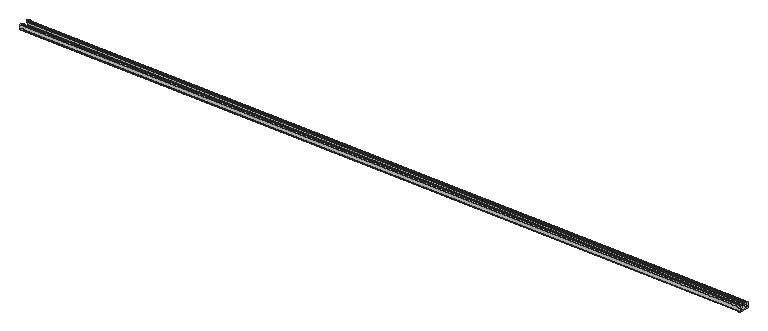
Revit family "P4100 SL", category Specialty Equipment, Revit 2012
Parameters (values of type "P4100 SL")
  ecoScorecard_data = ""
  ecoScorecard Product Page = ""
  Weight Per Foot = 0.87 lbf/ft
  Unit = none
  URL = "http://unistrut.us/index.php"
  Subcategory = "1 5/8\" Channels"
  Product Page URL = "http://unistrut.us/index.php?WP=cat_detail&S=S05&P=P4100sl"
  Part Type = "Channel"  # constant formula
  Part Number = ""
  Overall Width = 1 5/8"  # constant formula
  Overall Height = 13/16"  # constant formula
  Model = "P4100 SL"  # constant formula
  Material = "Multiple Options - See Catalog"
  Manufacturer Toll Free Phone = "800-882-5543"  # constant formula
  Manufacturer Phone = "708-339-1610"  # constant formula
  Manufacturer Fax = "708-339-7814"  # constant formula
  Manufacturer Email = "mailto:jshaw@atkore.com"
  Manufacturer Address = "16100 South Lathrop Avenue, Harvey, IL 60426"  # constant formula
  Manufacturer = "Unistrut by Atkore International"  # constant formula
  Load Capacity Note = "Visit the product page for load application and capacity."  # constant formula
  Literature URL = "http://unistrut.us/index.php?WP=LItLibrary"
  Length [instance] = 120"
  Hole Radius = Hole Diameter / 2  # 9/32"
  Hole Diameter = 9/16"  # constant formula
  Gauge Thickness = "12 Gauge (.105”)"  # constant formula
  Description = "P4100 SL Channel"  # constant formula
  Cost Info = "mailto:questions@atkore.com"
  Construction Note = "Slots are 3\" x 13⁄32\" @ 4\" on Center"
  CSI MasterSpec = "http://www.unistrut.us/a_files/TechRef/Unistrut_CSI_05430.pdf"
  CAD URL = "http://unistrut.us/index.php?WP=CAD3d"
  Assembly Code = "D5020100"
  95 CSI = "16070"  # constant formula
  04 CSI = "26 05 48"  # constant formula
Reference planes (in)
  plane 1 "Center (Front/Back)": y = 0
  plane 2: z = 0
  plane 3 "Center (Left/Right)": x = 0
  plane 4: y = 0.8125
  plane 5: y = -0.8125
  plane 6: z = 0.8125
  plane 7: x = -60
  plane 8: x = 60
  plane 9: z = 0.8125
Dimensions and locks (in)
  "Overall Width": plane 4 to plane 5
  equal spacing: plane 4, plane 1 "Center (Front/Back)", plane 5
  "Overall Height": plane 6 to level
  "Length": plane 7 to plane 8
  equal spacing: plane 7, plane 3 "Center (Left/Right)", plane 8
  aligned and locked: level to plane 2
  aligned and locked: plane 1 "Center (Front/Back)" to nested 1
  aligned and locked: plane 3 "Center (Left/Right)" to nested 1
Nested families (in)
  nested 1: "4100 SL" at (0, 0, 0), type "4100 SL"
Definition of nested family "4100 SL"
  Parameters (values of type "3300 SL")
    Width = 1 5/8"
    Unit = none
    Length = 120"
    Hole Spacing On Center = 4"
    Hole Spacing From End = 1/2"
    Hole Radius = 9/32"
    Height = 13/16"
    # Of Array = (Length - Hole Spacing From End * 2) / Hole Spacing On Center  # 30
  Reference planes (in)
    plane 1 "Center (Front/Back)": y = 0
    plane 2: z = 0
    plane 3 "Center (Left/Right)": x = 0
    plane 4: x = -60
    plane 5: x = 60
    plane 6: y = 0.8125
    plane 7: y = -0.8125
    plane 8: x = -55.5
    plane 9: z = 0.40625
    plane 10: z = 0.105
    plane 11: x = -59.5
    plane 12: z = 0.105
    plane 13: z = 0.81197
  Forms (in)
    Sweep 1, solid, material <- "Unit", detail levels fine
      path origin (0, 0, 0) x (1, 0, 0) y (0, 1, 0)
        loop
          line (-60, 0) -> (60, 0)
      profile origin (0, 0, 0) x (0, 1, 0) y (0, 0, 1)
        loop
          line (-0.6565, 0.73697) -> (-0.5375, 0.73697)
          arc (-0.5375, 0.73697) -> (-0.51982, 0.72965) -> (-0.5125, 0.71197) r 0.025
          line (-0.5125, 0.71197) -> (-0.5125, 0.55197) -> (-0.4375, 0.55197) -> (-0.4375, 0.71197)
          arc (-0.4375, 0.71197) -> (-0.46679, 0.78268) -> (-0.5375, 0.81197) r 0.1
          line (-0.5375, 0.81197) -> (-0.6565, 0.81197)
          arc (-0.6565, 0.81197) -> (-0.76681, 0.76628) -> (-0.8125, 0.65597) r 0.156
          line (-0.8125, 0.65597) -> (-0.8125, 0.10622)
          arc (-0.8125, 0.10622) -> (-0.78138, 0.03109) -> (-0.70625, -0.00003) r 0.10625
          line (-0.70625, -0.00003) -> (0.70625, -0.00003)
          arc (0.70625, -0.00003) -> (0.78138, 0.03109) -> (0.8125, 0.10622) r 0.10625
          line (0.8125, 0.10622) -> (0.8125, 0.65597)
          arc (0.8125, 0.65597) -> (0.76681, 0.76628) -> (0.6565, 0.81197) r 0.156
          line (0.6565, 0.81197) -> (0.5375, 0.81197)
          arc (0.5375, 0.81197) -> (0.46679, 0.78268) -> (0.4375, 0.71197) r 0.1
          line (0.4375, 0.71197) -> (0.4375, 0.55197) -> (0.5125, 0.55197) -> (0.5125, 0.71197)
          arc (0.5125, 0.71197) -> (0.51982, 0.72965) -> (0.5375, 0.73697) r 0.025
          line (0.5375, 0.73697) -> (0.6565, 0.73697)
          arc (0.6565, 0.73697) -> (0.71378, 0.71325) -> (0.7375, 0.65597) r 0.081
          line (0.7375, 0.65597) -> (0.7375, 0.10622)
          arc (0.7375, 0.10622) -> (0.72835, 0.08412) -> (0.70625, 0.07497) r 0.03125
          line (0.70625, 0.07497) -> (-0.70625, 0.07497)
          arc (-0.70625, 0.07497) -> (-0.72835, 0.08412) -> (-0.7375, 0.10622) r 0.03125
          line (-0.7375, 0.10622) -> (-0.7375, 0.65597)
          arc (-0.7375, 0.65597) -> (-0.71378, 0.71325) -> (-0.6565, 0.73697) r 0.081
    Extrusion 2, void
      sketch origin (0, 0, 0) x (1, 0, 0) y (0, 1, 0)
        loop
          arc (-59.29687, 0.20312) -> (-59.5, 0) -> (-59.29687, -0.20313) r 0.20312
          line (-59.29687, -0.20313) -> (-56.69885, -0.20312)
          arc (-56.69885, -0.20312) -> (-56.49573, 0) -> (-56.69885, 0.20312) r 0.20312
          line (-56.69885, 0.20312) -> (-59.29687, 0.20312)
      from 0 to 0.105
    Extrusion 3, void
      sketch origin (4, 0, 0) x (1, 0, 0) y (0, 1, 0)
        loop
          arc (-59.29687, 0.20312) -> (-59.5, 0) -> (-59.29687, -0.20313) r 0.20312
          line (-59.29687, -0.20313) -> (-56.69885, -0.20312)
          arc (-56.69885, -0.20312) -> (-56.49573, 0) -> (-56.69885, 0.20312) r 0.20312
          line (-56.69885, 0.20312) -> (-59.29687, 0.20312)
      from 0 to 0.105
    Extrusion 4, void
      sketch origin (8, 0, 0) x (1, 0, 0) y (0, 1, 0)
        loop
          arc (-59.29687, 0.20312) -> (-59.5, 0) -> (-59.29687, -0.20313) r 0.20312
          line (-59.29687, -0.20313) -> (-56.69885, -0.20312)
          arc (-56.69885, -0.20312) -> (-56.49573, 0) -> (-56.69885, 0.20312) r 0.20312
          line (-56.69885, 0.20312) -> (-59.29687, 0.20312)
      from 0 to 0.105
    Extrusion 5, void
      sketch origin (12, 0, 0) x (1, 0, 0) y (0, 1, 0)
        loop
          arc (-59.29687, 0.20312) -> (-59.5, 0) -> (-59.29687, -0.20313) r 0.20312
          line (-59.29687, -0.20313) -> (-56.69885, -0.20312)
          arc (-56.69885, -0.20312) -> (-56.49573, 0) -> (-56.69885, 0.20312) r 0.20312
          line (-56.69885, 0.20312) -> (-59.29687, 0.20312)
      from 0 to 0.105
    Extrusion 6, void
      sketch origin (16, 0, 0) x (1, 0, 0) y (0, 1, 0)
        loop
          arc (-59.29687, 0.20312) -> (-59.5, 0) -> (-59.29687, -0.20313) r 0.20312
          line (-59.29687, -0.20313) -> (-56.69885, -0.20312)
          arc (-56.69885, -0.20312) -> (-56.49573, 0) -> (-56.69885, 0.20312) r 0.20312
          line (-56.69885, 0.20312) -> (-59.29687, 0.20312)
      from 0 to 0.105
    Extrusion 7, void
      sketch origin (20, 0, 0) x (1, 0, 0) y (0, 1, 0)
        loop
          arc (-59.29687, 0.20312) -> (-59.5, 0) -> (-59.29687, -0.20313) r 0.20312
          line (-59.29687, -0.20313) -> (-56.69885, -0.20312)
          arc (-56.69885, -0.20312) -> (-56.49573, 0) -> (-56.69885, 0.20312) r 0.20312
          line (-56.69885, 0.20312) -> (-59.29687, 0.20312)
      from 0 to 0.105
    Extrusion 8, void
      sketch origin (24, 0, 0) x (1, 0, 0) y (0, 1, 0)
        loop
          arc (-59.29687, 0.20312) -> (-59.5, 0) -> (-59.29687, -0.20313) r 0.20312
          line (-59.29687, -0.20313) -> (-56.69885, -0.20312)
          arc (-56.69885, -0.20312) -> (-56.49573, 0) -> (-56.69885, 0.20312) r 0.20312
          line (-56.69885, 0.20312) -> (-59.29687, 0.20312)
      from 0 to 0.105
    Extrusion 9, void
      sketch origin (28, 0, 0) x (1, 0, 0) y (0, 1, 0)
        loop
          arc (-59.29687, 0.20312) -> (-59.5, 0) -> (-59.29687, -0.20313) r 0.20312
          line (-59.29687, -0.20313) -> (-56.69885, -0.20312)
          arc (-56.69885, -0.20312) -> (-56.49573, 0) -> (-56.69885, 0.20312) r 0.20312
          line (-56.69885, 0.20312) -> (-59.29687, 0.20312)
      from 0 to 0.105
    Extrusion 10, void
      sketch origin (32, 0, 0) x (1, 0, 0) y (0, 1, 0)
        loop
          arc (-59.29687, 0.20312) -> (-59.5, 0) -> (-59.29687, -0.20313) r 0.20312
          line (-59.29687, -0.20313) -> (-56.69885, -0.20312)
          arc (-56.69885, -0.20312) -> (-56.49573, 0) -> (-56.69885, 0.20312) r 0.20312
          line (-56.69885, 0.20312) -> (-59.29687, 0.20312)
      from 0 to 0.105
    Extrusion 11, void
      sketch origin (36, 0, 0) x (1, 0, 0) y (0, 1, 0)
        loop
          arc (-59.29687, 0.20312) -> (-59.5, 0) -> (-59.29687, -0.20313) r 0.20312
          line (-59.29687, -0.20313) -> (-56.69885, -0.20312)
          arc (-56.69885, -0.20312) -> (-56.49573, 0) -> (-56.69885, 0.20312) r 0.20312
          line (-56.69885, 0.20312) -> (-59.29687, 0.20312)
      from 0 to 0.105
    Extrusion 12, void
      sketch origin (40, 0, 0) x (1, 0, 0) y (0, 1, 0)
        loop
          arc (-59.29687, 0.20312) -> (-59.5, 0) -> (-59.29687, -0.20313) r 0.20312
          line (-59.29687, -0.20313) -> (-56.69885, -0.20312)
          arc (-56.69885, -0.20312) -> (-56.49573, 0) -> (-56.69885, 0.20312) r 0.20312
          line (-56.69885, 0.20312) -> (-59.29687, 0.20312)
      from 0 to 0.105
    Extrusion 13, void
      sketch origin (44, 0, 0) x (1, 0, 0) y (0, 1, 0)
        loop
          arc (-59.29687, 0.20312) -> (-59.5, 0) -> (-59.29687, -0.20313) r 0.20312
          line (-59.29687, -0.20313) -> (-56.69885, -0.20312)
          arc (-56.69885, -0.20312) -> (-56.49573, 0) -> (-56.69885, 0.20312) r 0.20312
          line (-56.69885, 0.20312) -> (-59.29687, 0.20312)
      from 0 to 0.105
    Extrusion 14, void
      sketch origin (48, 0, 0) x (1, 0, 0) y (0, 1, 0)
        loop
          arc (-59.29687, 0.20312) -> (-59.5, 0) -> (-59.29687, -0.20313) r 0.20312
          line (-59.29687, -0.20313) -> (-56.69885, -0.20312)
          arc (-56.69885, -0.20312) -> (-56.49573, 0) -> (-56.69885, 0.20312) r 0.20312
          line (-56.69885, 0.20312) -> (-59.29687, 0.20312)
      from 0 to 0.105
    Extrusion 15, void
      sketch origin (52, 0, 0) x (1, 0, 0) y (0, 1, 0)
        loop
          arc (-59.29687, 0.20312) -> (-59.5, 0) -> (-59.29687, -0.20313) r 0.20312
          line (-59.29687, -0.20313) -> (-56.69885, -0.20312)
          arc (-56.69885, -0.20312) -> (-56.49573, 0) -> (-56.69885, 0.20312) r 0.20312
          line (-56.69885, 0.20312) -> (-59.29687, 0.20312)
      from 0 to 0.105
    Extrusion 16, void
      sketch origin (56, 0, 0) x (1, 0, 0) y (0, 1, 0)
        loop
          arc (-59.29687, 0.20312) -> (-59.5, 0) -> (-59.29687, -0.20313) r 0.20312
          line (-59.29687, -0.20313) -> (-56.69885, -0.20312)
          arc (-56.69885, -0.20312) -> (-56.49573, 0) -> (-56.69885, 0.20312) r 0.20312
          line (-56.69885, 0.20312) -> (-59.29687, 0.20312)
      from 0 to 0.105
    Extrusion 17, void
      sketch origin (60, 0, 0) x (1, 0, 0) y (0, 1, 0)
        loop
          arc (-59.29687, 0.20312) -> (-59.5, 0) -> (-59.29687, -0.20313) r 0.20312
          line (-59.29687, -0.20313) -> (-56.69885, -0.20312)
          arc (-56.69885, -0.20312) -> (-56.49573, 0) -> (-56.69885, 0.20312) r 0.20312
          line (-56.69885, 0.20312) -> (-59.29687, 0.20312)
      from 0 to 0.105
    Extrusion 18, void
      sketch origin (64, 0, 0) x (1, 0, 0) y (0, 1, 0)
        loop
          arc (-59.29687, 0.20312) -> (-59.5, 0) -> (-59.29687, -0.20313) r 0.20312
          line (-59.29687, -0.20313) -> (-56.69885, -0.20312)
          arc (-56.69885, -0.20312) -> (-56.49573, 0) -> (-56.69885, 0.20312) r 0.20312
          line (-56.69885, 0.20312) -> (-59.29687, 0.20312)
      from 0 to 0.105
    Extrusion 19, void
      sketch origin (68, 0, 0) x (1, 0, 0) y (0, 1, 0)
        loop
          arc (-59.29687, 0.20312) -> (-59.5, 0) -> (-59.29687, -0.20313) r 0.20312
          line (-59.29687, -0.20313) -> (-56.69885, -0.20312)
          arc (-56.69885, -0.20312) -> (-56.49573, 0) -> (-56.69885, 0.20312) r 0.20312
          line (-56.69885, 0.20312) -> (-59.29687, 0.20312)
      from 0 to 0.105
    Extrusion 20, void
      sketch origin (72, 0, 0) x (1, 0, 0) y (0, 1, 0)
        loop
          arc (-59.29687, 0.20312) -> (-59.5, 0) -> (-59.29687, -0.20313) r 0.20312
          line (-59.29687, -0.20313) -> (-56.69885, -0.20312)
          arc (-56.69885, -0.20312) -> (-56.49573, 0) -> (-56.69885, 0.20312) r 0.20312
          line (-56.69885, 0.20312) -> (-59.29687, 0.20312)
      from 0 to 0.105
    Extrusion 21, void
      sketch origin (76, 0, 0) x (1, 0, 0) y (0, 1, 0)
        loop
          arc (-59.29687, 0.20312) -> (-59.5, 0) -> (-59.29687, -0.20313) r 0.20312
          line (-59.29687, -0.20313) -> (-56.69885, -0.20312)
          arc (-56.69885, -0.20312) -> (-56.49573, 0) -> (-56.69885, 0.20312) r 0.20312
          line (-56.69885, 0.20312) -> (-59.29687, 0.20312)
      from 0 to 0.105
    Extrusion 22, void
      sketch origin (80, 0, 0) x (1, 0, 0) y (0, 1, 0)
        loop
          arc (-59.29687, 0.20312) -> (-59.5, 0) -> (-59.29687, -0.20313) r 0.20312
          line (-59.29687, -0.20313) -> (-56.69885, -0.20312)
          arc (-56.69885, -0.20312) -> (-56.49573, 0) -> (-56.69885, 0.20312) r 0.20312
          line (-56.69885, 0.20312) -> (-59.29687, 0.20312)
      from 0 to 0.105
    Extrusion 23, void
      sketch origin (84, 0, 0) x (1, 0, 0) y (0, 1, 0)
        loop
          arc (-59.29687, 0.20312) -> (-59.5, 0) -> (-59.29687, -0.20313) r 0.20312
          line (-59.29687, -0.20313) -> (-56.69885, -0.20312)
          arc (-56.69885, -0.20312) -> (-56.49573, 0) -> (-56.69885, 0.20312) r 0.20312
          line (-56.69885, 0.20312) -> (-59.29687, 0.20312)
      from 0 to 0.105
    Extrusion 24, void
      sketch origin (88, 0, 0) x (1, 0, 0) y (0, 1, 0)
        loop
          arc (-59.29687, 0.20312) -> (-59.5, 0) -> (-59.29687, -0.20313) r 0.20312
          line (-59.29687, -0.20313) -> (-56.69885, -0.20312)
          arc (-56.69885, -0.20312) -> (-56.49573, 0) -> (-56.69885, 0.20312) r 0.20312
          line (-56.69885, 0.20312) -> (-59.29687, 0.20312)
      from 0 to 0.105
    Extrusion 25, void
      sketch origin (92, 0, 0) x (1, 0, 0) y (0, 1, 0)
        loop
          arc (-59.29687, 0.20312) -> (-59.5, 0) -> (-59.29687, -0.20313) r 0.20312
          line (-59.29687, -0.20313) -> (-56.69885, -0.20312)
          arc (-56.69885, -0.20312) -> (-56.49573, 0) -> (-56.69885, 0.20312) r 0.20312
          line (-56.69885, 0.20312) -> (-59.29687, 0.20312)
      from 0 to 0.105
    Extrusion 26, void
      sketch origin (96, 0, 0) x (1, 0, 0) y (0, 1, 0)
        loop
          arc (-59.29687, 0.20312) -> (-59.5, 0) -> (-59.29687, -0.20313) r 0.20312
          line (-59.29687, -0.20313) -> (-56.69885, -0.20312)
          arc (-56.69885, -0.20312) -> (-56.49573, 0) -> (-56.69885, 0.20312) r 0.20312
          line (-56.69885, 0.20312) -> (-59.29687, 0.20312)
      from 0 to 0.105
    Extrusion 27, void
      sketch origin (100, 0, 0) x (1, 0, 0) y (0, 1, 0)
        loop
          arc (-59.29687, 0.20312) -> (-59.5, 0) -> (-59.29687, -0.20313) r 0.20312
          line (-59.29687, -0.20313) -> (-56.69885, -0.20312)
          arc (-56.69885, -0.20312) -> (-56.49573, 0) -> (-56.69885, 0.20312) r 0.20312
          line (-56.69885, 0.20312) -> (-59.29687, 0.20312)
      from 0 to 0.105
    Extrusion 28, void
      sketch origin (104, 0, 0) x (1, 0, 0) y (0, 1, 0)
        loop
          arc (-59.29687, 0.20312) -> (-59.5, 0) -> (-59.29687, -0.20313) r 0.20312
          line (-59.29687, -0.20313) -> (-56.69885, -0.20312)
          arc (-56.69885, -0.20312) -> (-56.49573, 0) -> (-56.69885, 0.20312) r 0.20312
          line (-56.69885, 0.20312) -> (-59.29687, 0.20312)
      from 0 to 0.105
    Extrusion 29, void
      sketch origin (108, 0, 0) x (1, 0, 0) y (0, 1, 0)
        loop
          arc (-59.29687, 0.20312) -> (-59.5, 0) -> (-59.29687, -0.20313) r 0.20312
          line (-59.29687, -0.20313) -> (-56.69885, -0.20312)
          arc (-56.69885, -0.20312) -> (-56.49573, 0) -> (-56.69885, 0.20312) r 0.20312
          line (-56.69885, 0.20312) -> (-59.29687, 0.20312)
      from 0 to 0.105
    Extrusion 30, void
      sketch origin (112, 0, 0) x (1, 0, 0) y (0, 1, 0)
        loop
          arc (-59.29687, 0.20312) -> (-59.5, 0) -> (-59.29687, -0.20313) r 0.20312
          line (-59.29687, -0.20313) -> (-56.69885, -0.20312)
          arc (-56.69885, -0.20312) -> (-56.49573, 0) -> (-56.69885, 0.20312) r 0.20312
          line (-56.69885, 0.20312) -> (-59.29687, 0.20312)
      from 0 to 0.105
    Extrusion 31, void
      sketch origin (116, 0, 0) x (1, 0, 0) y (0, 1, 0)
        loop
          arc (-59.29687, 0.20312) -> (-59.5, 0) -> (-59.29687, -0.20313) r 0.20312
          line (-59.29687, -0.20313) -> (-56.69885, -0.20312)
          arc (-56.69885, -0.20312) -> (-56.49573, 0) -> (-56.69885, 0.20312) r 0.20312
          line (-56.69885, 0.20312) -> (-59.29687, 0.20312)
      from 0 to 0.105
  Cuts and joins
    Extrusion 2, Extrusion 3, Extrusion 4, Extrusion 5, Extrusion 6, Extrusion 7, Extrusion 8, Extrusion 9, Extrusion 10, Extrusion 11, Extrusion 12, Extrusion 13, Extrusion 14, Extrusion 15, Extrusion 16, Extrusion 17, Extrusion 18, Extrusion 19, Extrusion 20, Extrusion 21, Extrusion 22, Extrusion 23, Extrusion 24, Extrusion 25, Extrusion 26, Extrusion 27, Extrusion 28, Extrusion 29, Extrusion 30, Extrusion 31 cuts Sweep 1
  Lines and regions (in)
    symbolic lines, style "Channel"
      curve 1: line (-60, 0.8125, 0) -> (60, 0.8125, 0)
      curve 2: line (-60, -0.8125, 0) -> (-60, 0.8125, 0)
      curve 3: line (60, -0.8125, 0) -> (-60, -0.8125, 0)
      curve 4: line (60, 0.8125, 0) -> (60, -0.8125, 0)
    symbolic lines, style "Channel", detail levels fine
      curve 5: line (-60, 0.43915, 0) -> (60, 0.43915, 0)
      curve 6: line (-60, -0.4375, 0) -> (60, -0.4375, 0)
  Dimensions and locks (in)
    equal spacing: plane 7, plane 1 "Center (Front/Back)", plane 6
    equal spacing: plane 4, plane 3 "Center (Left/Right)", plane 5
    "Length": plane 4 to plane 5
    "Hole Spacing On Center": plane 11 to plane 8
    "Hole Spacing From End": plane 4 to plane 11
    locked: plane 12 to level at 0.105
    equal spacing: group 1, group 2, group 3, group 4, group 5, group 6, group 7, group 8, group 9, group 10, group 11, group 12, group 13, group 14, group 15, group 16, group 17, group 18, group 19, group 20, group 21, group 22, group 23, group 24, group 25, group 26, group 27, group 28, group 29, group 30  (x3)
    aligned and locked: level to plane 2
    aligned and locked: plane 4 to Sweep 1 sketch curve
    aligned and locked: plane 5 to Sweep 1 sketch curve
    aligned and locked: plane 1 "Center (Front/Back)" to Sweep 1 sketch curve
    aligned and locked: curve 4 to Sweep 1
    aligned and locked: plane 5 to curve 5
    aligned and locked: plane 3 "Center (Left/Right)" to nested 1
    aligned and locked: plane 1 "Center (Front/Back)" to nested 1
    aligned and locked: nested 2 to plane 11
    aligned and locked: nested 2 to plane 1 "Center (Front/Back)"
    aligned and locked: plane 12 to nested 2
    aligned and locked: nested 3 to plane 8
    aligned and locked: nested 3 to plane 1 "Center (Front/Back)"
  Automatic sketch dimensions
    curve 6 to plane 4 = 0"
    curve 6 to plane 7 = 3/8"
    curve 5 to curve 1 = 0.37335"
    Extrusion 2 sketch curve to Extrusion 2 sketch curve = 2.59802"
    Extrusion 3 sketch curve to Extrusion 3 sketch curve = 2.59802"
    Extrusion 4 sketch curve to Extrusion 4 sketch curve = 2.59802"
    Extrusion 5 sketch curve to Extrusion 5 sketch curve = 2.59802"
    Extrusion 6 sketch curve to Extrusion 6 sketch curve = 2.59802"
    Extrusion 7 sketch curve to Extrusion 7 sketch curve = 2.59802"
    Extrusion 8 sketch curve to Extrusion 8 sketch curve = 2.59802"
    Extrusion 9 sketch curve to Extrusion 9 sketch curve = 2.59802"
    Extrusion 10 sketch curve to Extrusion 10 sketch curve = 2.59802"
    Extrusion 11 sketch curve to Extrusion 11 sketch curve = 2.59802"
    Extrusion 12 sketch curve to Extrusion 12 sketch curve = 2.59802"
    Extrusion 13 sketch curve to Extrusion 13 sketch curve = 2.59802"
    Extrusion 14 sketch curve to Extrusion 14 sketch curve = 2.59802"
    Extrusion 15 sketch curve to Extrusion 15 sketch curve = 2.59802"
    Extrusion 16 sketch curve to Extrusion 16 sketch curve = 2.59802"
    Extrusion 17 sketch curve to Extrusion 17 sketch curve = 2.59802"
    Extrusion 18 sketch curve to Extrusion 18 sketch curve = 2.59802"
    Extrusion 19 sketch curve to Extrusion 19 sketch curve = 2.59802"
    Extrusion 20 sketch curve to Extrusion 20 sketch curve = 2.59802"
    Extrusion 21 sketch curve to Extrusion 21 sketch curve = 2.59802"
    Extrusion 22 sketch curve to Extrusion 22 sketch curve = 2.59802"
    Extrusion 23 sketch curve to Extrusion 23 sketch curve = 2.59802"
    Extrusion 24 sketch curve to Extrusion 24 sketch curve = 2.59802"
    Extrusion 25 sketch curve to Extrusion 25 sketch curve = 2.59802"
    Extrusion 26 sketch curve to Extrusion 26 sketch curve = 2.59802"
    Extrusion 27 sketch curve to Extrusion 27 sketch curve = 2.59802"
    Extrusion 28 sketch curve to Extrusion 28 sketch curve = 2.59802"
    Extrusion 29 sketch curve to Extrusion 29 sketch curve = 2.59802"
    Extrusion 30 sketch curve to Extrusion 30 sketch curve = 2.59802"
    Extrusion 31 sketch curve to Extrusion 31 sketch curve = 2.59802"
    Extrusion 2 sketch curve to Extrusion 2 sketch curve = 13/64"
    Extrusion 3 sketch curve to Extrusion 3 sketch curve = 13/64"
    Extrusion 4 sketch curve to Extrusion 4 sketch curve = 13/64"
    Extrusion 5 sketch curve to Extrusion 5 sketch curve = 13/64"
    Extrusion 6 sketch curve to Extrusion 6 sketch curve = 13/64"
    Extrusion 7 sketch curve to Extrusion 7 sketch curve = 13/64"
    Extrusion 8 sketch curve to Extrusion 8 sketch curve = 13/64"
    Extrusion 9 sketch curve to Extrusion 9 sketch curve = 13/64"
    Extrusion 10 sketch curve to Extrusion 10 sketch curve = 13/64"
    Extrusion 11 sketch curve to Extrusion 11 sketch curve = 13/64"
    Extrusion 12 sketch curve to Extrusion 12 sketch curve = 13/64"
    Extrusion 13 sketch curve to Extrusion 13 sketch curve = 13/64"
    Extrusion 14 sketch curve to Extrusion 14 sketch curve = 13/64"
    Extrusion 15 sketch curve to Extrusion 15 sketch curve = 13/64"
    Extrusion 16 sketch curve to Extrusion 16 sketch curve = 13/64"
    Extrusion 17 sketch curve to Extrusion 17 sketch curve = 13/64"
    Extrusion 18 sketch curve to Extrusion 18 sketch curve = 13/64"
    Extrusion 19 sketch curve to Extrusion 19 sketch curve = 13/64"
    Extrusion 20 sketch curve to Extrusion 20 sketch curve = 13/64"
    Extrusion 21 sketch curve to Extrusion 21 sketch curve = 13/64"
    Extrusion 22 sketch curve to Extrusion 22 sketch curve = 13/64"
    Extrusion 23 sketch curve to Extrusion 23 sketch curve = 13/64"
    Extrusion 24 sketch curve to Extrusion 24 sketch curve = 13/64"
    Extrusion 25 sketch curve to Extrusion 25 sketch curve = 13/64"
    Extrusion 26 sketch curve to Extrusion 26 sketch curve = 13/64"
    Extrusion 27 sketch curve to Extrusion 27 sketch curve = 13/64"
    Extrusion 28 sketch curve to Extrusion 28 sketch curve = 13/64"
    Extrusion 29 sketch curve to Extrusion 29 sketch curve = 13/64"
    Extrusion 30 sketch curve to Extrusion 30 sketch curve = 13/64"
    Extrusion 31 sketch curve to Extrusion 31 sketch curve = 13/64"
    Sweep 1 sketch curve to Sweep 1 sketch curve = 0"  (x12)
    profile plane to Sweep 1 sketch curve = 13/16"
    Sweep 1 sketch curve to Sweep 1 sketch curve = 0.075"
    Sweep 1 sketch curve to Sweep 1 sketch curve = 1/32"  (x2)
    Sweep 1 sketch curve to Sweep 1 sketch curve = 0.081"
    Sweep 1 sketch curve to Sweep 1 sketch curve = 0.119"  (x2)
    profile plane to Sweep 1 sketch curve = 0.5125"
    level to Sweep 1 sketch curve = 0.55197"  (x2)
    Sweep 1 sketch curve to profile plane = 7/16"
    Sweep 1 sketch curve to Sweep 1 sketch curve = 0.025"
    level to Sweep 1 sketch curve = 0.10622"
    Sweep 1 sketch curve to Sweep 1 sketch curve = 0.19375"
    Sweep 1 sketch curve to Sweep 1 sketch curve = 0.104"  (x2)
    plane 7 to curve 4 = 0"
    curve 1 to plane 6 = 0"
  Nested families (in)
    nested 1: "HS Coarse" at (0, 0, 0), type "HS Coarse", detail levels coarse+medium
    nested 2: "Model Line" at (-57.0625, 0, 0.105) x (0, 1, 0) z (0, 0, 1), type "Model Line"
    nested 3: "Model Line" at (-53.0625, 0, 0.105) x (0, 1, 0) z (0, 0, 1), type "Model Line"
    nested 4: "Model Line" at (-49.0625, 0, 0.105) x (0, 1, 0) z (0, 0, 1), type "Model Line"
    nested 5: "Model Line" at (-45.0625, 0, 0.105) x (0, 1, 0) z (0, 0, 1), type "Model Line"
    nested 6: "Model Line" at (-41.0625, 0, 0.105) x (0, 1, 0) z (0, 0, 1), type "Model Line"
    nested 7: "Model Line" at (-37.0625, 0, 0.105) x (0, 1, 0) z (0, 0, 1), type "Model Line"
    nested 8: "Model Line" at (-33.0625, 0, 0.105) x (0, 1, 0) z (0, 0, 1), type "Model Line"
    nested 9: "Model Line" at (-29.0625, 0, 0.105) x (0, 1, 0) z (0, 0, 1), type "Model Line"
    nested 10: "Model Line" at (-25.0625, 0, 0.105) x (0, 1, 0) z (0, 0, 1), type "Model Line"
    nested 11: "Model Line" at (-21.0625, 0, 0.105) x (0, 1, 0) z (0, 0, 1), type "Model Line"
    nested 12: "Model Line" at (-17.0625, 0, 0.105) x (0, 1, 0) z (0, 0, 1), type "Model Line"
    nested 13: "Model Line" at (-13.0625, 0, 0.105) x (0, 1, 0) z (0, 0, 1), type "Model Line"
    nested 14: "Model Line" at (-9.0625, 0, 0.105) x (0, 1, 0) z (0, 0, 1), type "Model Line"
    nested 15: "Model Line" at (-5.0625, 0, 0.105) x (0, 1, 0) z (0, 0, 1), type "Model Line"
    nested 16: "Model Line" at (-1.0625, 0, 0.105) x (0, 1, 0) z (0, 0, 1), type "Model Line"
    nested 17: "Model Line" at (2.9375, 0, 0.105) x (0, 1, 0) z (0, 0, 1), type "Model Line"
    nested 18: "Model Line" at (6.9375, 0, 0.105) x (0, 1, 0) z (0, 0, 1), type "Model Line"
    nested 19: "Model Line" at (10.9375, 0, 0.105) x (0, 1, 0) z (0, 0, 1), type "Model Line"
    nested 20: "Model Line" at (14.9375, 0, 0.105) x (0, 1, 0) z (0, 0, 1), type "Model Line"
    nested 21: "Model Line" at (18.9375, 0, 0.105) x (0, 1, 0) z (0, 0, 1), type "Model Line"
    nested 22: "Model Line" at (22.9375, 0, 0.105) x (0, 1, 0) z (0, 0, 1), type "Model Line"
    nested 23: "Model Line" at (26.9375, 0, 0.105) x (0, 1, 0) z (0, 0, 1), type "Model Line"
    nested 24: "Model Line" at (30.9375, 0, 0.105) x (0, 1, 0) z (0, 0, 1), type "Model Line"
    nested 25: "Model Line" at (34.9375, 0, 0.105) x (0, 1, 0) z (0, 0, 1), type "Model Line"
    nested 26: "Model Line" at (38.9375, 0, 0.105) x (0, 1, 0) z (0, 0, 1), type "Model Line"
    nested 27: "Model Line" at (42.9375, 0, 0.105) x (0, 1, 0) z (0, 0, 1), type "Model Line"
    nested 28: "Model Line" at (46.9375, 0, 0.105) x (0, 1, 0) z (0, 0, 1), type "Model Line"
    nested 29: "Model Line" at (50.9375, 0, 0.105) x (0, 1, 0) z (0, 0, 1), type "Model Line"
    nested 30: "Model Line" at (54.9375, 0, 0.105) x (0, 1, 0) z (0, 0, 1), type "Model Line"
    nested 31: "Model Line" at (58.9375, 0, 0.105) x (0, 1, 0) z (0, 0, 1), type "Model Line"
  Definition of nested family "HS Coarse"
    Parameters (values of type "HS Coarse")
      Width = 1 5/8"
      Unit = none
      Length = 120"
      Hole Radius = 0.2815"
      Height = 7/8"
    Reference planes (in)
      plane 1 "Center (Front/Back)": y = 0
      plane 2: z = 0
      plane 3 "Center (Left/Right)": x = 0
      plane 4: z = 0.8125
      plane 5: x = -60
      plane 6: x = 60
      plane 7: y = 0.8125
      plane 8: y = -0.8125
      plane 9: x = -59.125
      plane 10: x = -57.25
      plane 11: z = 0.40625
    Forms (in)
      Sweep 1, solid, material <- "Unit"
        path origin (0, 0, 0) x (1, 0, 0) y (0, 1, 0)
          loop
            line (-60, 0) -> (60, 0)
        profile origin (0, 0, 0) x (0, 1, 0) y (0, 0, 1)
          loop
            line (-0.8125, 0.8125) -> (-0.8125, 0) -> (0.8125, 0) -> (0.8125, 0.8125) -> (-0.8125, 0.8125)
    Dimensions and locks (in)
      plane 4 to level = 13/16"
      equal spacing: plane 8, plane 1 "Center (Front/Back)", plane 7
      equal spacing: plane 5, plane 3 "Center (Left/Right)", plane 6
      "Length": plane 5 to plane 6
      plane 5 to plane 9 = 7/8"
      plane 9 to plane 10 = 1 7/8"
      aligned and locked: level to plane 2
      aligned and locked: plane 6 to Sweep 1 sketch curve
      aligned and locked: plane 5 to Sweep 1 sketch curve
      aligned and locked: plane 1 "Center (Front/Back)" to Sweep 1 sketch curve
    Automatic sketch dimensions
      Sweep 1 sketch curve to level = 0"
      profile plane to Sweep 1 sketch curve = 13/16"
      Sweep 1 sketch curve to profile plane = 13/16"
      Sweep 1 sketch curve to Sweep 1 sketch curve = 13/16"
  Definition of nested family "Model Line"
    Parameters (values of type "Model Line")
      Hole Radius = 9/32"
    Reference planes (in)
      plane 1 "Center (Front/Back)": y = 0
      plane 2: z = 0
      plane 3 "Center (Left/Right)": x = 0
      plane 4: y = 2.4375
      plane 5: y = -0.5625
      plane 6: x = 0.20313
      plane 7: x = -0.20312
    Lines and regions (in)
      model lines, style "Channel", detail levels fine
        curve 1: line (-0.20312, -0.36365, 0) -> (-0.20312, 2.23437, 0)
        curve 2: line (0.20313, 2.23437, 0) -> (0.20313, -0.36365, 0)
        curve 3: arc (-0.20312, 2.23437, 0) -> (0, 2.4375, 0) -> (0.20313, 2.23437, 0) r 0.20312
        curve 4: arc (-0.20312, -0.36365, 0) -> (0, -0.56677, 0) -> (0.20313, -0.36365, 0) r 0.20312
    Dimensions and locks (in)
      plane 4 to plane 5 = 3"
      plane 7 to plane 6 = 13/32"
      aligned and locked: plane 2 to level
